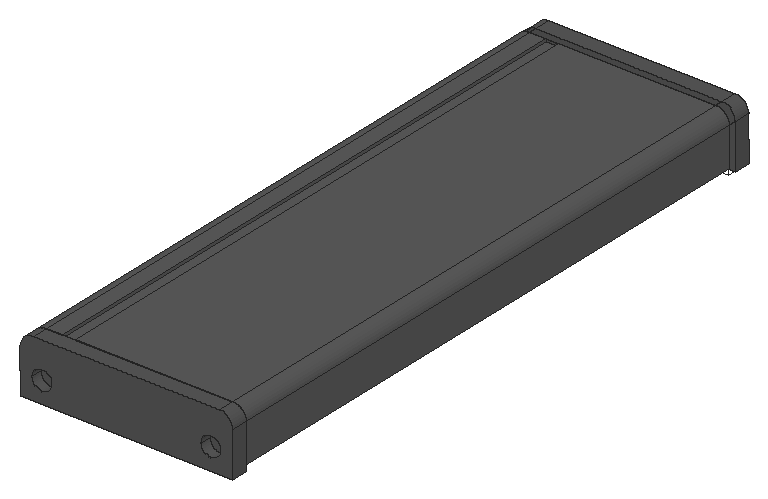
Revit family "JC KONTAKTER JCK277 FI", category Specialty Equipment, host Face, Revit 2025
Family settings
  Host = Face
  Round Connector Dimension = Use Diameter
  Part Type = Normal
  Enable Cutting in Views = Yes
  Cut with Voids When Loaded = No
  Maintain Annotation Orientation = Yes
  Shared = No
  Room Calculation Point = No
Parameters (values of type "JCK277")
  Valmistusmaa = "Ruotsi"
  URL = "https://www.jckontakter.fi/produkt/kyynarkytkin/kyynarkytkin-metalli/kyynarkytkin-jck277/"
  Tuotteen paino = "0.310 kg"
  Tekniken tuotekortti = "https://www.jckontakter.fi/wp-content/uploads/sites/4/Tekninen-tuotekortti_JCK277_FI-1.pdf"
  Päätypäät = POM Tenac C 4520
  Pienin nimellisvirta = "1mA/4 V DC"
  Nimellisestä nimellisvirrasta = "12 V Resitiivinen 6A Induktiivinen L/R 5 ms 6A, 24 V Resistiivinen 6A Induktiivinen L/R 5 ms 5A"
  Model = "JCK277"
  Mikrokytkin = "Standar NO IP67"
  Mikrokytkimien määrä = 2
  Manufacturer = "JC Kontakter"
  Linssi = Akryyli
  Kansi = Aluminum ENAW 6060 (Musta)
  Description = "Moderni malli varustettu ohjaavalla LED-valolla (sininen). Valmistettu mustasta eloksoidusta alumiinista mustalla päätykappaleella."
  Default Elevation = 800 mm
  Kotelo = Aluminum ENAW 6060
  CE asiakirja = "https://jckontakter.se/wp-content/uploads/CE_Dokument.pdf"
Reference planes
  plane 1 "Center (Front/Back)": y = 0
  plane 2: z = 0
  plane 3 "Center (Left/Right)": x = 0
  plane 4 "A": y = -122.5
Lines and regions (mm)
  symbolic lines
    curve 1: line (-50, 0, 50) -> (50, 0, 50)
    curve 2: line (-50, 0, 0) -> (-50, 0, 50)
    curve 3: line (50, 0, 0) -> (-50, 0, 0)
    curve 4: line (50, 0, 50) -> (50, 0, 0)
    curve 5: line (-40, 117.5, 0) -> (40, 117.5, 0)
    curve 6: line (-40, -122.5, 0) -> (-40, 117.5, 0)
    curve 7: line (40, -122.5, 0) -> (-40, -122.5, 0)
    curve 8: line (40, 117.5, 0) -> (40, -122.5, 0)
Text (mm)
  text "Poista tämä tunniste ennen käyttöä.\n\nSijoitusohjeet:\n\n1. Lataa projektiin.\n2. Vie kursori sen pinnan päälle, johon perhe tullaan sijoittamaan.\n3. Jos perhe näkyy kiertyneenä, valitse asetus \"kierrä sijoittamisen jälkeen\".\n4. Napsauta haluttua pintaa.\n5. Kirjoita haluttu kulma.\n6. Paina Enter." at (123.173, 1072.34, 0), in view "Ref. Level"
Dimensions and locks
  aligned and locked: plane 2 to host face
  aligned and locked: level to host face
Nested families
  nested 1: "AK_277" at (0, -122.5, 0) x (1, 0, 0) z (0, 1, 0), type "AK_277"
Definition of nested family "AK_277"
  Parameters (values of type "AK_277")
    Lens Finish = none
    Default Elevation = 1219.2 mm
    Core Finish = none
    URL = "https://jckontakter.se/produkt/armbagskontakter-metall/armbagskontakt-jck277-led-ljus-jckontakter/"
    Model = "JCK277"  # constant formula
    Manufacturer = "JC Kontakter"  # constant formula
    Lid Finish = none
    End Cap Finish = none
    Description = "JCK277 är en modern modell utrustad med vägledande LED-ljus(blå). Modellen har även en nedsänkt taktil rilla för att underlätta användande för synnedsatta. Tillverkad i svarteloxerad aluminium med svarta endcaps."  # constant formula
  Reference planes
    plane 1 "Center (Front/Back)": y = 0
    plane 2: z = 0
    plane 3 "Center (Left/Right)": x = 0
    plane 4 "1": x = 40
    plane 5 "A": z = 6
    plane 6 "B": z = 233
  Forms (mm)
    Extrusion 1, solid, material <- "Core Finish", detail levels medium+fine
      sketch origin (40, 0, 6) x (1, 0, 0) y (0, 1, 0)
        loop
          line (-80, 0) -> (-80, -1.2) -> (-75, -1.2) -> (-75, -8.75) -> (-73.2, -8.75) -> (-73.2, -1.2) -> (-11.2, -1.2) -> (-11.2, -8.75) -> (-2.249, -8.75)
          arc (-2.249, -8.75) -> (-3.331, -3.54) -> (-8.11, -1.2) r 6.05
          line (-8.11, -1.2) -> (-5.54, -1.2) -> (-5.54, 0) -> (-80, 0)
      from 0 to 227
    Extrusion 2, solid, material <- "Lid Finish", detail levels medium+fine
      sketch origin (-40, 0, 6) x (-1, 0, 0) y (0, -1, 0)
        loop
          line (-3.92, 11.41) -> (-0.92, 6.4) -> (0, 6.4) -> (0, 16.83)
          arc (0, 16.83) -> (-1.464, 20.366) -> (-5, 21.83) r 5
          line (-5, 21.83) -> (-11, 21.83) -> (-11, 20.83) -> (-16, 20.83) -> (-16, 21.83) -> (-75, 21.83)
          arc (-75, 21.83) -> (-78.536, 20.366) -> (-80, 16.83) r 5
          line (-80, 16.83) -> (-80, 2.38) -> (-78.4, 2.38) -> (-78.4, 11.41) -> (-3.92, 11.41)
      from 0 to 227
    Extrusion 3, solid, material <- "End Cap Finish", detail levels medium+fine
      sketch origin (-40, 0, 0) x (1, 0, 0) y (0, 1, 0)
        loop
          arc (0, -16.83) -> (1.464, -20.366) -> (5, -21.83) r 5
          line (5, -21.83) -> (75, -21.83)
          arc (75, -21.83) -> (78.536, -20.366) -> (80, -16.83) r 5
          line (80, -16.83) -> (80, 0) -> (0, 0) -> (0, -16.83)
      from 0 to 6
    Extrusion 4, void
      sketch origin (0, 0, 0) x (1, 0, 0) y (0, 1, 0)
        loop
          circle (-31.75, -8.25) r 3.75
        loop
          circle (31.75, -8.25) r 3.75
      from 0 to 4
    Extrusion 5, solid, material <- "End Cap Finish", detail levels medium+fine
      sketch origin (0, 0, 233) x (-1, 0, 0) y (0, -1, 0)
        loop
          arc (40, 16.83) -> (38.536, 20.366) -> (35, 21.83) r 5
          line (35, 21.83) -> (-35, 21.83)
          arc (-35, 21.83) -> (-38.536, 20.366) -> (-40, 16.83) r 5
          line (-40, 16.83) -> (-40, 0) -> (40, 0) -> (40, 16.83)
      from 3 to 9
    Extrusion 6, void
      sketch origin (0, 0, 233) x (-1, 0, 0) y (0, -1, 0)
        loop
          circle (31.75, 8.25) r 3.75
        loop
          circle (-31.75, 8.25) r 3.75
      from 6 to 9
    Extrusion 7, solid, material <- "Lens Finish", detail levels medium+fine
      sketch origin (0, 0, 233) x (-1, 0, 0) y (0, -1, 0)
        loop
          line (40, 0) -> (40, 16.83)
          arc (40, 16.83) -> (38.536, 20.366) -> (35, 21.83) r 5
          line (35, 21.83) -> (-35, 21.83)
          arc (-35, 21.83) -> (-38.536, 20.366) -> (-40, 16.83) r 5
          line (-40, 16.83) -> (-40, 0) -> (40, 0)
      from 0 to 3
  Cuts and joins
    Extrusion 4, Extrusion 6 cuts Extrusion 3
    Extrusion 6 cuts Extrusion 5
  Dimensions and locks
    aligned and locked: level to plane 2
